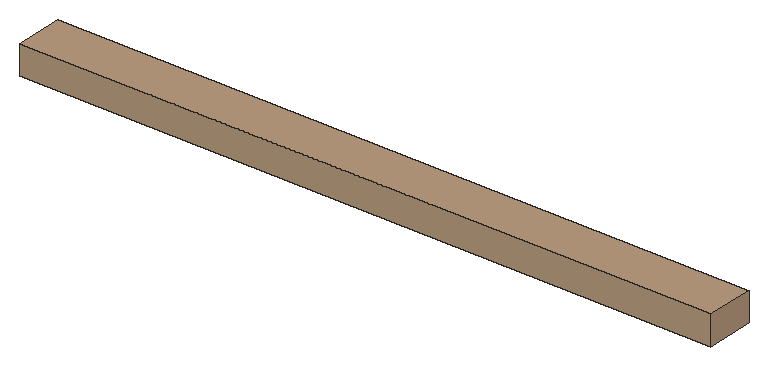
Revit family "Gola_QA_Casework_Panel", category Casework, Revit 2025
Family settings
  Work Plane-Based = No
  Always vertical = No
  Cut with Voids When Loaded = No
  Shared = No
  Room Calculation Point = No
Parameters (values of type "VD test panel")
  Panel Front = 0' - 1.40157"
  Default Elevation = 0' - 0"
Types (4): name | Panel Front
  HC test panel | 0' - 0.98425"
  HL test panel | 0' - 1.02362"
  VS test panel | 0' - 1.40157"
  VD test panel | 0' - 1.40157"
Reference planes (in)
  plane 1 "Center (Front/Back)": y = 0
  plane 2: z = 0
  plane 3 "Center (Left/Right)": x = 0
Forms (in)
  Extrusion 1, solid, material "Test cabinet panel - warm wood"
    sketch origin (0, 0, 0) x (1, 0, 0) y (0, 1, 0)
      loop
        line (-15.74803, -3.14961) -> (110.23622, -3.14961) -> (110.23622, 5.51181) -> (-15.74803, 5.51181) -> (-15.74803, -3.14961)
    from -3.93701 to 1.40157 <- "Panel Front"
Dimensions and locks (in)
  aligned and locked: plane 2 to level
